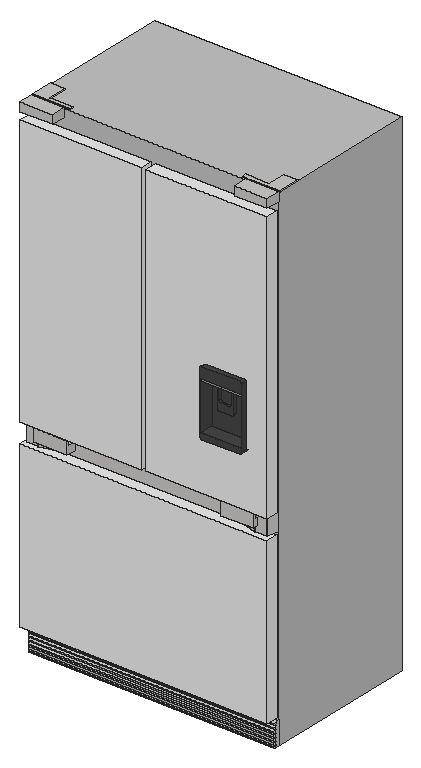
Revit family "FP-Revit20-RS36A72U1-FrenchDoorFridgeFreezer-0-90005081A-US-CA", category Specialty Equipment, Revit 2020 (continued)
Definition of nested family "F&P Handle Kit - Contemporary Round - Horizontal"
  Lines and regions (mm)
    sketch lines
      curve 2: arc (373, -32.3, -8.7) -> (373, -41, 0) -> (373, -32.3, 8.7) r 8.7
      curve 3: line (373, -32.3, -8.7) -> (373, 0, -8.7)
      curve 4: line (-373, -32.3, 8.7) -> (-373, 0, 8.7)
      curve 5: arc (-373, -32.3, 8.7) -> (-373, -41, 0) -> (-373, -32.3, -8.7) r 8.7
      curve 6: line (-373, 0, -8.7) -> (-373, -32.3, -8.7)
  Dimensions and locks
    equal spacing: plane 4 "Product LHS", plane 3 "Center (Left/Right)", plane 5 "Product RHS"
    "Product - Width": plane 4 "Product LHS" to plane 5 "Product RHS"
    locked: plane 4 "Product LHS" to plane 6 "LHS Standoff" at 120.005
    locked: plane 7 "RHS Standoff" to plane 5 "Product RHS" at 119.995
    equal spacing: Extrusion 2 sketch curve, level, Extrusion 2 sketch curve
    Extrusion 3 sketch curve to Extrusion 3 sketch curve = 17.4 mm
    Extrusion 6 sketch curve to Extrusion 6 sketch curve = 17.4 mm
    Extrusion 7 sketch curve to Extrusion 7 sketch curve = 17.4 mm
    aligned and locked: level to plane 2
    aligned and locked: plane 7 "RHS Standoff" to Extrusion 1
    aligned and locked: Extrusion 2 to Extrusion 1
    aligned and locked: Extrusion 2 to plane 5 "Product RHS"
    aligned and locked: plane 4 "Product LHS" to Extrusion 3
    aligned and locked: plane 6 "LHS Standoff" to Extrusion 3
    aligned and locked: Extrusion 1 to plane 6 "LHS Standoff"
    aligned and locked: Extrusion 6 to Extrusion 1
    aligned and locked: Extrusion 6 to plane 5 "Product RHS"
    aligned and locked: plane 4 "Product LHS" to Extrusion 7
    aligned and locked: Extrusion 7 to Extrusion 1
  Automatic sketch dimensions
    Extrusion 1 sketch curve to level = 0 mm
    plane 1 "Center (Front/Back)" to Extrusion 1 sketch curve = 32.3 mm
    Extrusion 2 sketch curve to plane 1 "Center (Front/Back)" = 0 mm
    Extrusion 2 sketch curve to level = 8.7 mm
    plane 1 "Center (Front/Back)" to Extrusion 2 sketch curve = 32.3 mm
    Extrusion 3 sketch curve to level = 0 mm
    Extrusion 3 sketch curve to plane 1 "Center (Front/Back)" = 0 mm
    Extrusion 3 sketch curve to level = 8.7 mm
    plane 1 "Center (Front/Back)" to Extrusion 3 sketch curve = 32.3 mm
    Sweep 4 sketch curve to profile plane = 0 mm
    profile plane to Sweep 4 sketch curve = 0 mm
    profile plane to Sweep 4 sketch curve = 1 mm
    Sweep 4 sketch curve to profile plane = 1 mm
    Sweep 5 sketch curve to profile plane = 0 mm  (x2)
    profile plane to Sweep 5 sketch curve = 1 mm
    Sweep 5 sketch curve to profile plane = 1 mm
    Extrusion 6 sketch curve to level = 0 mm
    level to Extrusion 6 sketch curve = 8.7 mm
    plane 1 "Center (Front/Back)" to Extrusion 6 sketch curve = 32.3 mm
    Extrusion 6 sketch curve to Extrusion 6 sketch curve = 32.3 mm
    Extrusion 7 sketch curve to level = 0 mm
    level to Extrusion 7 sketch curve = 8.7 mm
    plane 1 "Center (Front/Back)" to Extrusion 7 sketch curve = 32.3 mm
    Extrusion 7 sketch curve to Extrusion 7 sketch curve = 32.3 mm
    radius of Extrusion 1 sketch curve = 8.7 mm
Definition of nested family "F&P Handle Kit - Contemporary Round - Vertical"
  Parameters (values of type "25374 AHS-ASBI-A - Contemporary round handle (1 of 2) (Vertical) 727mm")
    URL = "www.fisherpaykel.com"
    Material - Handle = none
    Manufacturer = "Fisher & Paykel Appliances"
    Handle - Length = 727 mm
    Description = "Kit for RS36"
    Default Elevation = 0 mm
  Types (10, lengths in mm): name | Handle - Length | Description
    AHS-RD21 - Contemporary round handle (Vertical) 852mm | 852 | ""
    AHSRD2484W - Contemporary round handle (1 of 2) (Vertical) 727mm | 727 | ""
    AHSRD3084W - Contemporary round handle (1 of 2) (Vertical) 727mm | 727 | ""
    AHS-RD84 - Contemporary round handle (Vertical) 852mm | 852 | ""
    AHSRS3272A - Contemporary round handle (1 of 2) (Vertical) 727mm | 727 | ""
    AHSRS80A - Contemporary round handle (1 of 2) (Vertical) 727mm | 727 | ""
    AHSRD6121W - Contemporary round handle (1 of 2) (Vertical) 727mm | 727 | ""
    AHSRD7621W - Contemporary round handle (1 of 2) (Vertical) 727mm | 727 | ""
    25329 AHS-ASBI-A - Contemporary round handle (1 of 2) (Vertical) 727mm | 727 | "Kit for RS90"
    25374 AHS-ASBI-A - Contemporary round handle (1 of 2) (Vertical) 727mm | 727 | "Kit for RS36"
  Reference planes
    plane 1 "Center (Front/Back)": y = 0
    plane 2: z = 0
    plane 3 "Center (Left/Right)": x = 0
    plane 4 "Top": z = 363.5
    plane 5 "Bottom": z = -363.5
    plane 6 "Top Standoff": z = 243.5
    plane 7 "Bottom Standoff": z = -243.5
  Forms (mm)
    Extrusion 1, solid, material <- "Material - Handle"
      sketch origin (0, 0, 0) x (1, 0, 0) y (0, 1, 0)
        loop
          circle (0, -32.3) r 8.7
      from -243.5 to 243.5
    Extrusion 2, solid, material <- "Material - Handle", detail levels fine
      sketch origin (0, 0, 0) x (1, 0, 0) y (0, 1, 0)
        loop
          line (-8.7, 0) -> (-8.7, -32.3)
          arc (-8.7, -32.3) -> (0, -41) -> (8.7, -32.3) r 8.7
          line (8.7, -32.3) -> (8.7, 0) -> (-8.7, 0)
      from 243.5 to 363.5
    Extrusion 3, solid, material <- "Material - Handle", detail levels fine
      sketch origin (0, 0, 0) x (1, 0, 0) y (0, 1, 0)
        loop
          line (-8.7, 0) -> (-8.7, -32.3)
          arc (-8.7, -32.3) -> (0, -41) -> (8.7, -32.3) r 8.7
          line (8.7, -32.3) -> (8.7, 0) -> (-8.7, 0)
      from -363.5 to -243.5
    Sweep 4, void
      path in 3D
        loop
          line (8.7, 0, -363.5) -> (8.7, -32.3, -363.5)
          arc (8.7, -32.3, -363.5) -> (0, -41, -363.5) -> (-8.7, -32.3, -363.5) r 8.7
          line (-8.7, -32.3, -363.5) -> (-8.7, 0, -363.5)
      profile origin (8.7, -16.15, -363.5) x (-1, 0, 0) y (0, 0, -1)
        loop
          line (0, 0) -> (0, -1) -> (1, 0) -> (0, 0)
    Sweep 5, void
      path in 3D
        loop
          line (-8.7, 0, 363.5) -> (-8.7, -32.3, 363.5)
          arc (-8.7, -32.3, 363.5) -> (0, -41, 363.5) -> (8.7, -32.3, 363.5) r 8.7
          line (8.7, -32.3, 363.5) -> (8.7, 0, 363.5)
      profile origin (8.7, -16.15, 363.5) x (-1, 0, 0) y (0, 0, 1)
        loop
          line (0, 0) -> (0, -1) -> (1, 0) -> (0, 0)
    Extrusion 6, solid, material <- "Material - Handle", detail levels coarse+medium
      sketch origin (0, 0, 0) x (1, 0, 0) y (0, 1, 0)
        loop
          line (-8.7, 0) -> (-8.7, -32.3)
          arc (-8.7, -32.3) -> (0, -41) -> (8.7, -32.3) r 8.7
          line (8.7, -32.3) -> (8.7, 0) -> (-8.7, 0)
      from 243.5 to 363.5
    Extrusion 7, solid, material <- "Material - Handle", detail levels coarse+medium
      sketch origin (0, 0, 0) x (1, 0, 0) y (0, 1, 0)
        loop
          line (-8.7, 0) -> (-8.7, -32.3)
          arc (-8.7, -32.3) -> (0, -41) -> (8.7, -32.3) r 8.7
          line (8.7, -32.3) -> (8.7, 0) -> (-8.7, 0)
      from -363.5 to -243.5
  Cuts and joins
    Sweep 4 cuts Extrusion 3
    Sweep 5 cuts Extrusion 2
  Lines and regions (mm)
    sketch lines
      curve 1: line (8.7, 0, -363.5) -> (8.7, -32.3, -363.5)
      curve 2: arc (-8.7, -32.3, -363.5) -> (0, -41, -363.5) -> (8.7, -32.3, -363.5) r 8.7
      curve 3: line (-8.7, -32.3, -363.5) -> (-8.7, 0, -363.5)
      curve 4: line (8.7, -32.3, 363.5) -> (8.7, 0, 363.5)
      curve 5: arc (8.7, -32.3, 363.5) -> (0, -41, 363.5) -> (-8.7, -32.3, 363.5) r 8.7
      curve 6: line (-8.7, 0, 363.5) -> (-8.7, -32.3, 363.5)
  Dimensions and locks
    equal spacing: plane 4 "Top", level, plane 5 "Bottom"
    "Handle - Length": plane 4 "Top" to plane 5 "Bottom"
    locked: plane 4 "Top" to plane 6 "Top Standoff" at 120
    locked: plane 7 "Bottom Standoff" to plane 5 "Bottom" at 120
    Extrusion 2 sketch curve to Extrusion 2 sketch curve = 17.4 mm
    Extrusion 3 sketch curve to Extrusion 3 sketch curve = 17.4 mm
    Extrusion 6 sketch curve to Extrusion 6 sketch curve = 17.4 mm
    Extrusion 7 sketch curve to Extrusion 7 sketch curve = 17.4 mm
    aligned and locked: level to plane 2
    aligned and locked: plane 4 "Top" to Extrusion 2
    aligned and locked: Extrusion 3 to plane 5 "Bottom"
    aligned and locked: plane 7 "Bottom Standoff" to Extrusion 3
    aligned and locked: Extrusion 1 to plane 7 "Bottom Standoff"
    aligned and locked: plane 6 "Top Standoff" to Extrusion 1
    aligned and locked: Extrusion 2 to Extrusion 1
    aligned and locked: Extrusion 6 to Extrusion 1
    aligned and locked: plane 4 "Top" to Extrusion 6
    aligned and locked: Extrusion 7 to Extrusion 1
    aligned and locked: Extrusion 7 to plane 5 "Bottom"
  Automatic sketch dimensions
    Extrusion 1 sketch curve to plane 3 "Center (Left/Right)" = 0 mm
    plane 1 "Center (Front/Back)" to Extrusion 1 sketch curve = 32.3 mm
    plane 1 "Center (Front/Back)" to Extrusion 2 sketch curve = 0 mm
    Extrusion 2 sketch curve to plane 3 "Center (Left/Right)" = 0 mm
    Extrusion 2 sketch curve to plane 3 "Center (Left/Right)" = 8.7 mm
    plane 1 "Center (Front/Back)" to Extrusion 2 sketch curve = 32.3 mm
    plane 1 "Center (Front/Back)" to Extrusion 3 sketch curve = 0 mm
    Extrusion 3 sketch curve to plane 3 "Center (Left/Right)" = 0 mm
    Extrusion 3 sketch curve to plane 3 "Center (Left/Right)" = 8.7 mm
    plane 1 "Center (Front/Back)" to Extrusion 3 sketch curve = 32.3 mm
    Sweep 4 sketch curve to profile plane = 0 mm  (x2)
    Sweep 4 sketch curve to profile plane = 1 mm  (x2)
    Sweep 5 sketch curve to profile plane = 0 mm  (x2)
    Sweep 5 sketch curve to profile plane = 1 mm  (x2)
    Extrusion 6 sketch curve to plane 3 "Center (Left/Right)" = 0 mm
    Extrusion 6 sketch curve to plane 3 "Center (Left/Right)" = 8.7 mm
    plane 1 "Center (Front/Back)" to Extrusion 6 sketch curve = 32.3 mm
    Extrusion 6 sketch curve to Extrusion 6 sketch curve = 32.3 mm
    Extrusion 7 sketch curve to plane 3 "Center (Left/Right)" = 0 mm
    Extrusion 7 sketch curve to plane 3 "Center (Left/Right)" = 8.7 mm
    plane 1 "Center (Front/Back)" to Extrusion 7 sketch curve = 32.3 mm
    Extrusion 7 sketch curve to Extrusion 7 sketch curve = 32.3 mm
    radius of Extrusion 1 sketch curve = 8.7 mm
Definition of nested family "F&P Handle Kit - Contemporary Square Fine - Horizontal"
  Parameters (values of type "AHD5RD80AB - Contemporary square fine black handle (2 of 2) (Horizontal) 646mm")
    URL = "www.fisherpaykel.com"
    Material - Handle = none
    Manufacturer = "Fisher & Paykel Appliances"
    Handle - Length = 646 mm
    Default Elevation = 0 mm
  Types (14, lengths in mm): name | Handle - Length
    AHD5RD2484W - Contemporary square fine handle (2 of 2) (Horizontal) 494mm | 494
    AHD5RD2484WB - Contemporary square fine black handle (2 of 2) (Horizontal) 494mm | 494
    AHD5RD3084W - Contemporary square fine handle (2 of 2) (Horizontal) 646mm | 646
    AHD5RD3084WB - Contemporary square fine black handle (2 of 2) (Horizontal) 646mm | 646
    AHD5RD7621W - Contemporary square fine handle (2 of 2) (Horizontal) 646mm | 646
    AHD5RD7621WB - Contemporary square fine handle black (2 of 2) (Horizontal) 646mm | 646
    AHD5RD6121W - Contemporary square fine handle (2 of 2) (Horizontal) 494mm | 494
    AHD5RD6121WB - Contemporary square fine handle black (2 of 2) (Horizontal) 494mm | 494
    AHD5RD36A - Contemporary square fine handle (2 of 2) (Horizontal) 746mm | 746
    AHD5RD36AB - Contemporary square fine black handle (2 of 2) (Horizontal) 746mm | 746
    AHD5RD90A - Contemporary square fine handle (2 of 2) (Horizontal) 746mm | 746
    AHD5RD80A - Contemporary square fine handle (2 of 2) (Horizontal) 646mm | 646
    AHD5RD80AB - Contemporary square fine black handle (2 of 2) (Horizontal) 646mm | 646
    AHD5RD90AB - Contemporary square fine black handle (2 of 2) (Horizontal) 746mm | 746
  Reference planes
    plane 1 "Center (Front/Back)": y = 0
    plane 2: z = 0
    plane 3 "Center (Left/Right)": x = 0
    plane 4 "Product LHS": x = -323
    plane 5 "Product RHS": x = 323
    plane 6 "LHS Standoff": x = -202.995
    plane 7 "RHS Standoff": x = 203.005
  Forms (mm)
    Extrusion 1, solid, material <- "Material - Handle", detail levels fine
      sketch origin (0, 0, 0) x (0, 1, 0) y (0, 0, 1)
        loop
          arc (-26.813, 6.16) -> (-27.196, 6.554) -> (-27.728, 6.686) r 1
          line (-27.728, 6.686) -> (-40.035, 6.256)
          arc (-40.035, 6.256) -> (-40.719, 5.951) -> (-41, 5.257) r 1
          line (-41, 5.257) -> (-41, -5.257)
          arc (-41, -5.257) -> (-40.719, -5.951) -> (-40.035, -6.256) r 1
          line (-40.035, -6.256) -> (-27.709, -6.686)
          arc (-27.709, -6.686) -> (-27.175, -6.554) -> (-26.792, -6.158) r 1
          arc (-26.792, -6.158) -> (-25.256, 0.004) -> (-26.813, 6.16) r 13.038
      from -323 to 323
    Extrusion 2, solid, material <- "Material - Handle", detail levels fine
      sketch origin (0, 0, 0) x (0, 1, 0) y (0, 0, 1)
        loop
          arc (-26.626, -6.008) -> (-26.614, -6.49) -> (-26.2, -6.737) r 0.5
          line (-26.2, -6.737) -> (0, -7.696) -> (0, 7.704) -> (-26.174, 6.747)
          arc (-26.174, 6.747) -> (-26.587, 6.5) -> (-26.6, 6.019) r 0.5
          arc (-26.6, 6.019) -> (-25.156, 0.002) -> (-26.626, -6.008) r 13.136
      from 203.005 to 323
    Extrusion 3, solid, material <- "Material - Handle", detail levels coarse+medium
      sketch origin (0, 0, 0) x (1, 0, 0) y (0, 1, 0)
        loop
          line (-323, -42) -> (323, -42) -> (323, 0) -> (203.005, 0) -> (203.005, -26.156) -> (-202.995, -26.156) -> (-202.995, 0) -> (-323, 0) -> (-323, -42)
      from -8.022 to 7.978
    Extrusion 4, solid, material <- "Material - Handle", detail levels fine
      sketch origin (0, 0, 0) x (0, 1, 0) y (0, 0, 1)
        loop
          arc (-26.626, -6.008) -> (-26.614, -6.49) -> (-26.2, -6.737) r 0.5
          line (-26.2, -6.737) -> (0, -7.696) -> (0, 7.704) -> (-26.174, 6.747)
          arc (-26.174, 6.747) -> (-26.587, 6.5) -> (-26.6, 6.019) r 0.5
          arc (-26.6, 6.019) -> (-25.156, 0.002) -> (-26.626, -6.008) r 13.136
      from -323 to -202.995
  Dimensions and locks
    equal spacing: plane 4 "Product LHS", plane 3 "Center (Left/Right)", plane 5 "Product RHS"
    "Handle - Length": plane 4 "Product LHS" to plane 5 "Product RHS"
    locked: plane 4 "Product LHS" to plane 6 "LHS Standoff" at 120.005
    locked: plane 7 "RHS Standoff" to plane 5 "Product RHS" at 119.995
    aligned and locked: level to plane 2
    aligned and locked: Extrusion 1 to plane 5 "Product RHS"
    aligned and locked: plane 4 "Product LHS" to Extrusion 1
    aligned and locked: Extrusion 2 to plane 5 "Product RHS"
    aligned and locked: plane 4 "Product LHS" to Extrusion 3 sketch curve
    aligned and locked: Extrusion 3 sketch curve to plane 5 "Product RHS"
    aligned and locked: Extrusion 3 sketch curve to plane 7 "RHS Standoff"
    aligned and locked: plane 6 "LHS Standoff" to Extrusion 3 sketch curve
    aligned and locked: plane 4 "Product LHS" to Extrusion 4
    aligned and locked: plane 6 "LHS Standoff" to Extrusion 4
    aligned and locked: Extrusion 2 to plane 7 "RHS Standoff"
  Automatic sketch dimensions
    Extrusion 1 sketch curve to level = 5.257 mm
    plane 1 "Center (Front/Back)" to Extrusion 1 sketch curve = 41 mm
    level to Extrusion 1 sketch curve = 6.256 mm
    Extrusion 1 sketch curve to Extrusion 1 sketch curve = 0.965 mm  (x2)
    Extrusion 1 sketch curve to level = 6.256 mm
    Extrusion 1 sketch curve to Extrusion 1 sketch curve = 0.035 mm  (x3)
    Extrusion 1 sketch curve to level = 0.018 mm
    Extrusion 1 sketch curve to Extrusion 1 sketch curve = 1.706 mm
    level to Extrusion 1 sketch curve = 6.686 mm
    Extrusion 1 sketch curve to Extrusion 1 sketch curve = 12.307 mm
    Extrusion 1 sketch curve to level = 6.686 mm
    Extrusion 1 sketch curve to Extrusion 1 sketch curve = 12.326 mm
    Extrusion 1 sketch curve to Extrusion 1 sketch curve = 0.999 mm  (x2)
    Extrusion 1 sketch curve to Extrusion 1 sketch curve = 0 mm
    Extrusion 2 sketch curve to plane 1 "Center (Front/Back)" = 0 mm
    level to Extrusion 2 sketch curve = 6.247 mm
    plane 1 "Center (Front/Back)" to Extrusion 2 sketch curve = 26.155 mm
    level to Extrusion 2 sketch curve = 6.747 mm
    Extrusion 2 sketch curve to Extrusion 2 sketch curve = 0.018 mm  (x2)
    Extrusion 2 sketch curve to level = 6.238 mm
    Extrusion 2 sketch curve to Extrusion 2 sketch curve = 0.026 mm
    Extrusion 2 sketch curve to level = 6.737 mm
    level to Extrusion 2 sketch curve = 0.03 mm
    Extrusion 2 sketch curve to Extrusion 2 sketch curve = 12.11 mm
    Extrusion 2 sketch curve to level = 7.696 mm
    level to Extrusion 2 sketch curve = 7.704 mm
    Extrusion 2 sketch curve to Extrusion 2 sketch curve = 0 mm
    plane 1 "Center (Front/Back)" to Extrusion 3 sketch curve = 42 mm
    Extrusion 3 sketch curve to Extrusion 3 sketch curve = 15.844 mm
    Extrusion 3 sketch curve to Extrusion 3 sketch curve = 26.156 mm  (x2)
    level to Extrusion 4 sketch curve = 0.03 mm
    plane 1 "Center (Front/Back)" to Extrusion 4 sketch curve = 38.291 mm
    Extrusion 4 sketch curve to level = 6.737 mm
    Extrusion 4 sketch curve to Extrusion 4 sketch curve = 12.091 mm
    Extrusion 4 sketch curve to Extrusion 4 sketch curve = 0.018 mm  (x2)
    level to Extrusion 4 sketch curve = 6.747 mm
    Extrusion 4 sketch curve to Extrusion 4 sketch curve = 0.008 mm
    level to Extrusion 4 sketch curve = 7.704 mm
    Extrusion 4 sketch curve to Extrusion 4 sketch curve = 26.174 mm
    Extrusion 4 sketch curve to level = 7.696 mm
    Extrusion 4 sketch curve to Extrusion 4 sketch curve = 0.5 mm  (x2)
    Extrusion 4 sketch curve to Extrusion 4 sketch curve = 0 mm
Definition of nested family "F&P Handle Kit - Contemporary Square Fine - Vertical"
  Parameters (values of type "AHD5RD90AB - Contemporary square fine black handle (1 of 2) (Vertical) 727mm")
    URL = "www.fisherpaykel.com"
    Material - Handle = none
    Manufacturer = "Fisher & Paykel Appliances"
    Handle - Length = 727 mm
    Default Elevation = 0 mm
  Types (14): name
    AHD5RD2484W - Contemporary square fine handle (1 of 2) (Vertical) 727mm
    AHD5RD2484WB - Contemporary square fine black handle (1 of 2) (Vertical) 727mm
    AHD5RD3084W - Contemporary square fine handle (1 of 2) (Vertical) 727mm
    AHD5RD3084WB - Contemporary square fine black handle (1 of 2) (Vertical) 727mm
    AHD5RD6121W - Contemporary square fine handle (1 of 2) (Vertical) 727mm
    AHD5RD6121WB - Contemporary square fine black handle (1 of 2) (Vertical) 727mm
    AHD5RD7621W - Contemporary square fine handle (1 of 2) (Vertical) 727mm
    AHD5RD7621WB - Contemporary square fine black handle (1 of 2) (Vertical) 727mm
    AHD5RD36A - Contemporary square fine handle (1 of 2) (Vertical) 727mm
    AHD5RD36AB - Contemporary square fine black handle (1 of 2) (Vertical) 727mm
    AHD5RD80A - Contemporary square fine handle (1 of 2) (Vertical) 727mm
    AHD5RD90A - Contemporary square fine handle (1 of 2) (Vertical) 727mm
    AHD5RD80AB - Contemporary square fine black handle (1 of 2) (Vertical) 727mm
    AHD5RD90AB - Contemporary square fine black handle (1 of 2) (Vertical) 727mm
  Reference planes
    plane 1 "Center (Front/Back)": y = 0
    plane 2: z = 0
    plane 3 "Center (Left/Right)": x = 0
    plane 4 "Top": z = 363.5
    plane 5 "Bottom": z = -363.5
    plane 6 "Top Standoff": z = 243.5
    plane 7 "Bottom Standoff": z = -243.5
  Forms (mm)
    Extrusion 1, solid, material <- "Material - Handle", detail levels fine
      sketch origin (0, 0, 0) x (1, 0, 0) y (0, 1, 0)
        loop
          arc (-6.16, -26.813) -> (-6.554, -27.196) -> (-6.686, -27.728) r 1
          line (-6.686, -27.728) -> (-6.256, -40.035)
          arc (-6.256, -40.035) -> (-5.951, -40.719) -> (-5.257, -41) r 1
          line (-5.257, -41) -> (5.257, -41)
          arc (5.257, -41) -> (5.951, -40.719) -> (6.256, -40.035) r 1
          line (6.256, -40.035) -> (6.686, -27.709)
          arc (6.686, -27.709) -> (6.554, -27.175) -> (6.158, -26.792) r 1
          arc (6.158, -26.792) -> (-0.004, -25.256) -> (-6.16, -26.813) r 13.038
      from -363.5 to 363.5
    Extrusion 2, solid, material <- "Material - Handle", detail levels fine
      sketch origin (0, 0, 0) x (1, 0, 0) y (0, 1, 0)
        loop
          arc (6.012, -26.626) -> (6.494, -26.614) -> (6.741, -26.2) r 0.5
          line (6.741, -26.2) -> (7.7, 0) -> (-7.7, 0) -> (-6.742, -26.174)
          arc (-6.742, -26.174) -> (-6.496, -26.587) -> (-6.015, -26.6) r 0.5
          arc (-6.015, -26.6) -> (0.002, -25.156) -> (6.012, -26.626) r 13.136
      from 243.5 to 363.5
    Extrusion 3, solid, material <- "Material - Handle", detail levels coarse+medium
      sketch origin (0, 0, 0) x (0, 1, 0) y (0, 0, 1)
        loop
          line (0, 363.5) -> (-42, 363.5) -> (-42, -363.5) -> (0, -363.5) -> (0, -243.5) -> (-26.245, -243.5) -> (-26.245, 243.5) -> (0, 243.5) -> (0, 363.5)
      from -8 to 8
    Extrusion 4, solid, material <- "Material - Handle", detail levels fine
      sketch origin (0, 0, 0) x (1, 0, 0) y (0, 1, 0)
        loop
          arc (6.012, -26.626) -> (6.494, -26.614) -> (6.741, -26.2) r 0.5
          line (6.741, -26.2) -> (7.7, 0) -> (-7.7, 0) -> (-6.742, -26.174)
          arc (-6.742, -26.174) -> (-6.496, -26.587) -> (-6.015, -26.6) r 0.5
          arc (-6.015, -26.6) -> (0.002, -25.156) -> (6.012, -26.626) r 13.136
      from -363.5 to -243.5
  Dimensions and locks
    equal spacing: plane 4 "Top", level, plane 5 "Bottom"
    "Handle - Length": plane 4 "Top" to plane 5 "Bottom"
    locked: plane 4 "Top" to plane 6 "Top Standoff" at 120
    locked: plane 7 "Bottom Standoff" to plane 5 "Bottom" at 120
    aligned and locked: level to plane 2
    aligned and locked: plane 4 "Top" to Extrusion 2
    aligned and locked: Extrusion 2 to plane 6 "Top Standoff"
    aligned and locked: plane 4 "Top" to Extrusion 1
    aligned and locked: Extrusion 1 to plane 5 "Bottom"
    aligned and locked: plane 4 "Top" to Extrusion 3 sketch curve
    aligned and locked: plane 6 "Top Standoff" to Extrusion 3 sketch curve
    aligned and locked: plane 7 "Bottom Standoff" to Extrusion 3 sketch curve
    aligned and locked: plane 5 "Bottom" to Extrusion 3 sketch curve
    aligned and locked: Extrusion 4 to plane 5 "Bottom"
    aligned and locked: plane 7 "Bottom Standoff" to Extrusion 4
  Automatic sketch dimensions
    Extrusion 1 sketch curve to plane 3 "Center (Left/Right)" = 6.686 mm
    Extrusion 1 sketch curve to plane 3 "Center (Left/Right)" = 6.256 mm
    Extrusion 1 sketch curve to Extrusion 1 sketch curve = 0.999 mm  (x4)
    plane 3 "Center (Left/Right)" to Extrusion 1 sketch curve = 0.018 mm
    plane 3 "Center (Left/Right)" to Extrusion 1 sketch curve = 5.257 mm
    plane 3 "Center (Left/Right)" to Extrusion 1 sketch curve = 5.687 mm
    plane 1 "Center (Front/Back)" to Extrusion 1 sketch curve = 41 mm
    Extrusion 1 sketch curve to Extrusion 1 sketch curve = 0.965 mm  (x2)
    Extrusion 1 sketch curve to Extrusion 1 sketch curve = 1.706 mm
    Extrusion 1 sketch curve to Extrusion 1 sketch curve = 12.307 mm
    Extrusion 1 sketch curve to Extrusion 1 sketch curve = 12.326 mm
    Extrusion 1 sketch curve to Extrusion 1 sketch curve = 0.035 mm  (x2)
    Extrusion 1 sketch curve to Extrusion 1 sketch curve = 0 mm
    plane 1 "Center (Front/Back)" to Extrusion 2 sketch curve = 0 mm
    Extrusion 2 sketch curve to plane 3 "Center (Left/Right)" = 7.7 mm
    Extrusion 2 sketch curve to plane 3 "Center (Left/Right)" = 6.742 mm
    Extrusion 2 sketch curve to Extrusion 2 sketch curve = 0.5 mm  (x2)
    Extrusion 2 sketch curve to plane 3 "Center (Left/Right)" = 0.026 mm
    plane 3 "Center (Left/Right)" to Extrusion 2 sketch curve = 6.242 mm
    plane 3 "Center (Left/Right)" to Extrusion 2 sketch curve = 7.7 mm
    plane 1 "Center (Front/Back)" to Extrusion 2 sketch curve = 26.155 mm
    Extrusion 2 sketch curve to Extrusion 2 sketch curve = 0.018 mm  (x2)
    Extrusion 2 sketch curve to Extrusion 2 sketch curve = 0.026 mm
    Extrusion 2 sketch curve to Extrusion 2 sketch curve = 12.11 mm
    Extrusion 2 sketch curve to Extrusion 2 sketch curve = 0 mm
    plane 1 "Center (Front/Back)" to Extrusion 3 sketch curve = 42 mm
    Extrusion 3 sketch curve to Extrusion 3 sketch curve = 15.755 mm
    Extrusion 3 sketch curve to Extrusion 3 sketch curve = 42 mm  (x2)
    Extrusion 4 sketch curve to plane 3 "Center (Left/Right)" = 7.7 mm
    Extrusion 4 sketch curve to plane 3 "Center (Left/Right)" = 6.742 mm
    Extrusion 4 sketch curve to Extrusion 4 sketch curve = 0.5 mm  (x2)
    Extrusion 4 sketch curve to plane 3 "Center (Left/Right)" = 0.026 mm
    plane 3 "Center (Left/Right)" to Extrusion 4 sketch curve = 6.242 mm
    plane 3 "Center (Left/Right)" to Extrusion 4 sketch curve = 7.7 mm
    plane 1 "Center (Front/Back)" to Extrusion 4 sketch curve = 38.291 mm
    Extrusion 4 sketch curve to Extrusion 4 sketch curve = 12.091 mm
    Extrusion 4 sketch curve to Extrusion 4 sketch curve = 0.018 mm  (x2)
    Extrusion 4 sketch curve to Extrusion 4 sketch curve = 0.452 mm
    Extrusion 4 sketch curve to Extrusion 4 sketch curve = 26.174 mm
    Extrusion 4 sketch curve to Extrusion 4 sketch curve = 0 mm
Definition of nested family "Comment Marker 2D"
  Types (3): name
    New
    Resolved
    Active
  Reference planes
    plane 1: y = 0
    plane 2: x = 0
  Text (mm)
    text "Edit Type: \nTo control handle kit \nand door panel visibility\n options\n\nDelete unwanted kits \nto reduce file size" at (-0.165, 35.556, 0)
